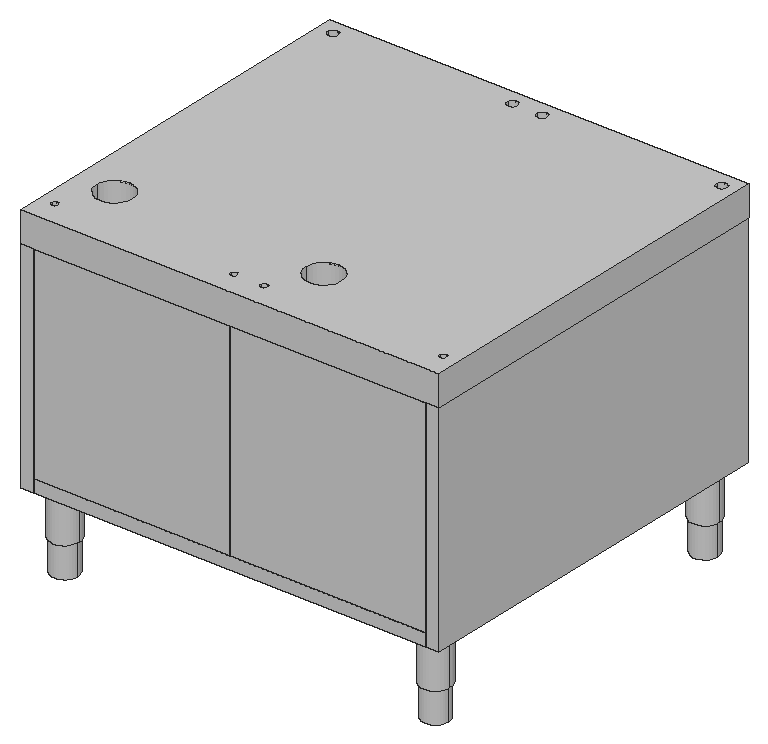
Revit family "QF_ADVENTYS_CUPBOARD_800_250902095534", category Specialty Equipment, Revit 2021
Family settings
  Round Connector Dimension = Use Diameter
  Part Type = Normal
  OmniClass Number = 23.40.40.14
  OmniClass Title = Food Service Equipment
  Work Plane-Based = No
  Always vertical = Yes
  Cut with Voids When Loaded = No
  Shared = No
  Room Calculation Point = No
Parameters (values of type "ADV1686")
  Weight in Pounds [instance] = 0
  Weight = 0.00 kg
  Warranty Start Date [instance] = ""
  Warranty Duration [instance] = ""
  URL Recommended Spares List = ""
  URL Manufacturer = ""
  URL Cutsheet = ""
  URL Critical Spares List = ""
  URL = "www.adventys.com"
  Tag Number [instance] = ""
  Status [instance] = ""
  Specification by User [instance] = ""
  Specification by Manufacturer [instance] = ""
  Sound Level [instance] = ""
  Solid Fuel Type [instance] = ""
  Service Life Duration [instance] = ""
  Serial Number [instance] = ""
  Seismic Rating [instance] = ""
  SMACNA No [instance] = ""
  Revision Code [instance] = ""
  Revision [instance] = ""
  Production Year [instance] = ""
  Point Load [instance] = 0
  Other Equipment Approvals [instance] = ""
  NAFEM Spec ID Number [instance] = ""
  Model Warning [instance] = ""
  Model = "CUPBOARD 800"
  Masterspec [instance] = ""
  Manufacturer = "ADVENTYS"
  Length Actual = 800 mm
  Item Number [instance] = ""
  Installed By [instance] = ""
  Installation Date [instance] = ""
  Identify Quantity as Lot [instance] = no
  ID [instance] = ""
  Hygiene Approval [instance] = ""
  Hot Water Consumption = 0.0 L/s
  Height Actual = 624 mm
  Furnished By [instance] = ""
  Foodservice Equipment Identifier [instance] = no
  ETL Approved [instance] = no
  Description = "CUPBOARD 800-900"
  Depth Actual = 740 mm
  Default Elevation = 0 mm
  Cost = 0
  CSI MasterFormat [instance] = ""
  CE Approved [instance] = no
  Barcode [instance] = 0
  Author [instance] = ""
  Asset Identifier [instance] = ""
  Accessory = no
Reference planes
  plane 1 "Center (Front/Back)": y = 0
  plane 2: z = 0
  plane 3 "Center (Left/Right)": x = 0
Dimensions and locks
  aligned and locked: level to plane 2
Nested families
  nested 1: "QF_ADVENTYS_ADV1686_2916" at (0, 0, 0), type "ADV1686"
    with Status "", Show Logo yes, Show Clearance yes
Definition of nested family "QF_ADVENTYS_ADV1686_2916"
  Parameters (values of type "ADV1936")
    URL = "www.adventys.com"
    Status [instance] = ""
    Show Logo [instance] = yes
    Show Clearance [instance] = yes
    Model = "CUPBOARD 900"
    Manufacturer = "ADVENTYS"
    Description = "CUPBOARD 800-900"
    Default Elevation = 0 mm
    Author = "SPECIFI"
    Assembly Code = "E1090320"
  Types (2, lengths in mm): name | Model
    ADV1686 | "CUPBOARD 800"
    ADV1936 | "CUPBOARD 900"
  Reference planes
    plane 1 "Back": y = 0
    plane 2: z = 0
    plane 3 "Left": x = 0
    plane 4 "Right": x = 800
    plane 5 "Front": y = -740
    plane 6 "Top": z = 624.2
  Forms (mm)
    Extrusion 1, solid
      sketch origin (-30.183, -865, 964.436) x (1, 0, 0) y (0, 1, 0)
        loop
          line (55.183, 865) -> (30.183, 865) -> (30.183, 125) -> (55.183, 125) -> (55.183, 865)
      from -817.236 to -398.736
    Extrusion 2, solid
      sketch origin (-30.183, -865, 988.113) x (1, 0, 0) y (0, 1, 0)
        loop
          line (830.183, 865) -> (30.183, 865) -> (30.183, 125) -> (830.183, 125) -> (830.183, 865)
        loop
          circle (107.067, 254.615) r 35
        loop
          circle (60.116, 835.094) r 10
        loop
          circle (403.496, 835.094) r 10
        loop
          circle (402.743, 169.844) r 6.435
        loop
          circle (60.415, 169.844) r 6.435
        loop
          circle (507.067, 254.615) r 35
        loop
          circle (460.116, 835.094) r 10
        loop
          circle (803.496, 835.094) r 10
        loop
          circle (802.743, 169.844) r 6.435
        loop
          circle (460.415, 169.844) r 6.435
      from -422.413 to -363.913
    Extrusion 3, solid
      sketch origin (830.183, -865, 964.436) x (-1, 0, 0) y (0, -1, 0)
        loop
          line (55.183, -865) -> (55.183, -125) -> (30.183, -125) -> (30.183, -865) -> (55.183, -865)
      from -817.236 to -398.736
    Extrusion 4, solid
      sketch origin (842.236, -865, 202.383) x (0, 0, -1) y (0, 1, 0)
        loop
          line (55.183, 865) -> (30.183, 865) -> (30.183, 125) -> (55.183, 125) -> (55.183, 865)
      from -817.236 to -67.236
    Extrusion 5, solid
      sketch origin (890, -55.183, 964.436) x (0, 1, 0) y (-1, 0, 0)
        loop
          line (55.183, 865) -> (-659.817, 865) -> (-659.817, 115) -> (55.183, 115) -> (55.183, 865)
      from -792.236 to -398.736
    Extrusion 6, solid
      sketch origin (890, -684.817, 964.436) x (0, -1, 0) y (1, 0, 0)
        loop
          line (55.183, -490) -> (55.183, -115) -> (30.183, -115) -> (30.183, -490) -> (55.183, -490)
      from -792.236 to -398.736
    Revolve 7, solid
      sketch origin (3.5, -692, 964.436) x (1, 0, 0) y (0, 0, 1)
        loop
          line (43.194, -817.236) -> (15.069, -817.236) -> (15.069, -904.436) -> (18.194, -904.436) -> (18.194, -964.436) -> (43.194, -964.436) -> (43.194, -817.236)
        axis (43.194, -817.236) -> (43.194, -964.436)
      angle from 0 to 360
    Revolve 8, solid
      sketch origin (712.306, -692, 964.436) x (1, 0, 0) y (0, 0, 1)
        loop
          line (43.194, -817.236) -> (15.069, -817.236) -> (15.069, -904.436) -> (18.194, -904.436) -> (18.194, -964.436) -> (43.194, -964.436) -> (43.194, -817.236)
        axis (43.194, -817.236) -> (43.194, -964.436)
      angle from 0 to 360
    Revolve 9, solid
      sketch origin (3.5, -48, 964.436) x (1, 0, 0) y (0, 0, -1)
        loop
          line (43.194, 817.236) -> (43.194, 964.436) -> (18.194, 964.436) -> (18.194, 904.436) -> (15.069, 904.436) -> (15.069, 817.236) -> (43.194, 817.236)
        axis (43.194, 817.236) -> (43.194, 964.436)
      angle from 0 to 360
    Revolve 10, solid
      sketch origin (712.306, -48, 964.436) x (1, 0, 0) y (0, 0, -1)
        loop
          line (43.194, 817.236) -> (43.194, 964.436) -> (18.194, 964.436) -> (18.194, 904.436) -> (15.069, 904.436) -> (15.069, 817.236) -> (43.194, 817.236)
        axis (43.194, 817.236) -> (43.194, 964.436)
      angle from 0 to 360
    Extrusion 11, solid
      sketch origin (-90, -684.817, 964.436) x (0, -1, 0) y (1, 0, 0)
        loop
          line (55.183, 490) -> (30.183, 490) -> (30.183, 115) -> (55.183, 115) -> (55.183, 490)
      from -792.236 to -398.736
  Lines and regions (mm)
    symbolic lines
      curve 1: line (0, 0, 0) -> (800, 0, 0)
      curve 2: line (0, -740, 0) -> (0, 0, 0)
      curve 3: line (800, -740, 0) -> (0, -740, 0)
      curve 4: line (800, 0, 0) -> (800, -740, 0)
  Dimensions and locks
    plane 3 "Left" to plane 4 "Right" = 800 mm
    plane 6 "Top" to level = 624.2 mm  (x2)
    plane 5 "Front" to plane 1 "Back" = 740 mm
    aligned and locked: level to plane 2
